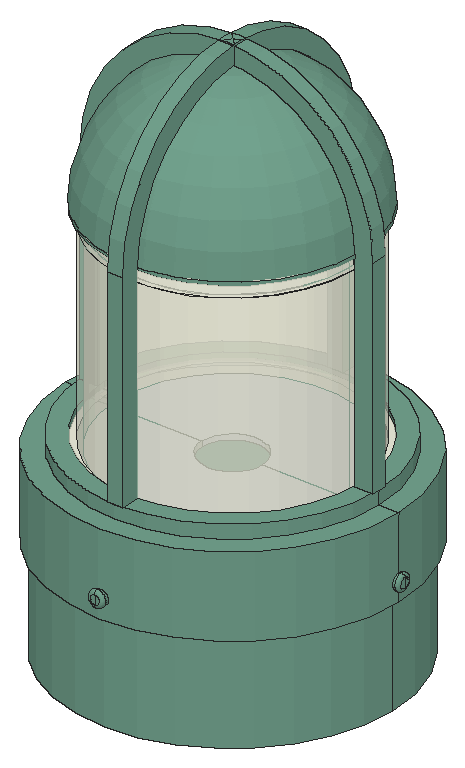
Revit family "PR2", category Generic Models, Revit 2024
Family settings
  Can host rebar = No
  Round Connector Dimension = Use Diameter
  Part Type = Normal
  Work Plane-Based = No
  Always vertical = Yes
  Cut with Voids When Loaded = No
  Maintain Annotation Orientation = No
  Shared = No
  Room Calculation Point = No
Parameters
  Default Elevation = 0' - 0"
Reference planes (in)
  plane 1 "Center (Front/Back)": y = 0
  plane 2: z = 0
  plane 3 "Center (Left/Right)": x = 0
Forms (in)
  Revolve 1, solid
    sketch origin (0, 0, 0) x (1, 0, 0) y (0, 0, 1)
      loop
        line (-3, 3.28125) -> (-3, 0) -> (-0.25, 0) -> (-0.25, 0.09375) -> (-2.90625, 0.09375) -> (-2.90625, 3.1875) -> (-0.568, 3.1875) -> (-0.568, 3.28125) -> (-3, 3.28125)
      axis (0, 3.28125) -> (0, 0)
    angle from 0 to 360
  Revolve 2, solid
    sketch origin (0, 0, 0) x (1, 0, 0) y (0, 0, 1)
      loop
        line (-3.125, 1.875) -> (-3.03125, 1.875) -> (-3.03125, 3.28125) -> (-2.65625, 3.28125) -> (-2.65625, 3.53125) -> (-2.41108, 3.53125) -> (-2.41108, 3.625) -> (-2.75, 3.625) -> (-2.75, 3.375) -> (-3.125, 3.375) -> (-3.125, 1.875)
      axis (0, 3.625) -> (0, 1.875)
    angle from 0 to 360
  Revolve 3, solid
    sketch origin (0, 0, 0) x (1, 0, 0) y (0, 0, 1)
      loop
        line (-3.22718, 2.22976) -> (-2.90568, 2.22976) -> (-2.90568, 2.37976) -> (-3.16759, 2.37976)
        arc (-3.16759, 2.37976) -> (-3.20973, 2.36231) -> (-3.22718, 2.32017) r 0.0596
        line (-3.22718, 2.32017) -> (-3.22718, 2.22976)
      axis (-2.90568, 2.22976) -> (-3.22718, 2.22976)
    angle from 0 to 360
  Revolve 4, solid
    sketch origin (0, 0, 0) x (0, -1, 0) y (0, 0, 1)
      loop
        line (-3.22718, 2.22976) -> (-2.90568, 2.22976) -> (-2.90568, 2.37976) -> (-3.16759, 2.37976)
        arc (-3.16759, 2.37976) -> (-3.20973, 2.36231) -> (-3.22718, 2.32017) r 0.0596
        line (-3.22718, 2.32017) -> (-3.22718, 2.22976)
      axis (-2.90568, 2.22976) -> (-3.22718, 2.22976)
    angle from 0 to 360
  Revolve 5, solid
    sketch origin (0, 0, 0) x (0, 1, 0) y (0, 0, 1)
      loop
        line (-3.22718, 2.22976) -> (-2.90568, 2.22976) -> (-2.90568, 2.37976) -> (-3.16759, 2.37976)
        arc (-3.16759, 2.37976) -> (-3.20973, 2.36231) -> (-3.22718, 2.32017) r 0.0596
        line (-3.22718, 2.32017) -> (-3.22718, 2.22976)
      axis (-2.90568, 2.22976) -> (-3.22718, 2.22976)
    angle from 0 to 360
  Revolve 6, solid
    sketch origin (0, 0, 0) x (-1, 0, 0) y (0, 0, 1)
      loop
        line (-3.22718, 2.22976) -> (-2.90568, 2.22976) -> (-2.90568, 2.37976) -> (-3.16759, 2.37976)
        arc (-3.16759, 2.37976) -> (-3.20973, 2.36231) -> (-3.22718, 2.32017) r 0.0596
        line (-3.22718, 2.32017) -> (-3.22718, 2.22976)
      axis (-2.90568, 2.22976) -> (-3.22718, 2.22976)
    angle from 0 to 360
  Extrusion 7, solid, material "52"
    sketch origin (0, 0, 0) x (1, 0, 0) y (0, 0, 1)
      loop
        line (-2.75, 3.625) -> (-2.412, 3.625) -> (-2.412, 7.5084)
        arc (-2.412, 7.5084) -> (-1.76179, 9.14738) -> (-0.17007, 9.906) r 2.41201
        arc (-0.17007, 9.906) -> (1.64124, 9.26751) -> (2.412, 7.5084) r 2.41201
        line (2.412, 7.5084) -> (2.412, 3.625) -> (2.75, 3.625) -> (2.75, 7.491)
        arc (2.75, 7.491) -> (0, 10.25) -> (-2.75, 7.491) r 2.75001
        line (-2.75, 7.491) -> (-2.75, 3.625)
    from -0.142 to 0.142
  Extrusion 8, solid, material "52"
    sketch origin (0, 0, 0) x (0, 1, 0) y (0, 0, 1)
      loop
        line (-2.75, 3.625) -> (-2.412, 3.625) -> (-2.412, 7.5084)
        arc (-2.412, 7.5084) -> (-1.76179, 9.14738) -> (-0.17007, 9.906) r 2.41201
        arc (-0.17007, 9.906) -> (1.64124, 9.26751) -> (2.412, 7.5084) r 2.41201
        line (2.412, 7.5084) -> (2.412, 3.625) -> (2.75, 3.625) -> (2.75, 7.491)
        arc (2.75, 7.491) -> (0, 10.25) -> (-2.75, 7.491) r 2.75001
        line (-2.75, 7.491) -> (-2.75, 3.625)
    from -0.142 to 0.142
  Revolve 9, solid, material "VAPOR GLASS"
    sketch origin (0, 0, 0) x (1, 0, 0) y (0, 0, 1)
      loop
        line (-2.287, 7.16479) -> (-2.287, 3.50704) -> (-2.61952, 3.50704) -> (-2.61952, 3.375) -> (-2.19325, 3.375) -> (-2.19325, 7.16462)
        arc (-2.19325, 7.16462) -> (-1.54803, 8.7103) -> (0, 9.34986) r 2.19326
        line (0, 9.34986) -> (0, 9.44361)
        arc (0, 9.44361) -> (-1.61426, 8.77666) -> (-2.287, 7.16479) r 2.28701
      axis (0, 9.44361) -> (0, 3.375)
    angle from 0 to 360
  Revolve 10, solid
    sketch origin (0, 0, 0) x (1, 0, 0) y (0, 0, 1)
      loop
        line (-2.412, 7.5084) -> (-2.412, 7.44656) -> (-2.31825, 7.44656) -> (-2.31825, 7.50807)
        arc (-2.31825, 7.50807) -> (-1.6364, 9.1421) -> (0, 9.81825) r 2.31826
        line (0, 9.81825) -> (0, 9.912)
        arc (0, 9.912) -> (-1.70257, 9.20851) -> (-2.412, 7.5084) r 2.41201
      axis (0, 9.912) -> (0, 7.44656)
    angle from 0 to 360
Dimensions and locks (in)
  aligned and locked: plane 2 to level
